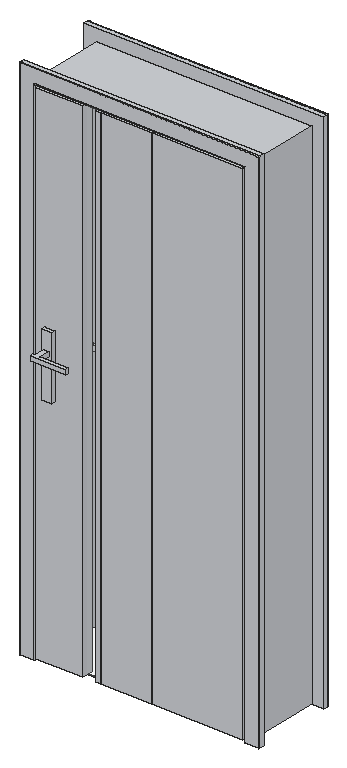
Revit family "NaturaIMPRESSbp_7", category Drzwi, Revit 2016
Family settings
  Obiekt nadrzędny = Ściana
  Zawsze pionowo = Tak
  Tnij formami wycięć po wczytaniu = Nie
  Współdzielony = Nie
  Punkt obliczania pomieszczeń = Nie
Parameters (values of type "PN 80")
  Zakres szerokości muru [instance] = if(and(Szerokość ściany > 94 mm, Szerokość ściany < 120 mm), "B", (if(and(Szerokość ściany > 119 mm, Szerokość ściany < 140 mm), "C", (if(and(Szerokość ściany > 139 mm, Szerokość ściany < 160 mm), "D", (if(and(Szerokość ściany > 159 mm, Szerokość ściany < 180 mm), "E", (if(and(Szerokość ściany > 179 mm, Szerokość ściany < 200 mm), "F", (if(and(Szerokość ściany > 199 mm, Szerokość ściany < 220 mm), "G", (if(and(Szerokość ściany > 219 mm, Szerokość ściany < 240 mm), "H", (if(and(Szerokość ściany > 239 mm, Szerokość ściany < 260 mm), "I", (if(and(Szerokość ściany > 259 mm, Szerokość ściany < 280 mm), "J", (if(and(Szerokość ściany > 279 mm, Szerokość ściany < 301 mm), "K", "BRAK")))))))))))))))))))  # "K"
  Wysokość brutto = 2060 mm
  Szerokość ściany [instance] = 300 mm
  Szerokość brutto = 880 mm
  Model = "Natura IMPRESS 7"
  Materiał_szyba = Szkło
  Materiał_relief = none
  Konstrukcja analityczna = "<Brak>"
  Funkcja = Wewnętrzna
  URL = "www.porta.com.pl"
  Ss = 818 mm
  Sb = 846 mm
  Producent = "PORTA KMI POLAND"  # constant formula
  Keynote = ""
  Opis = "Własność Porta KMI Poland, wszelkie prawa zastrzeżone."  # constant formula
  Wysokość = 2016 mm
  Zakończenie ściany = Wg obiektu nadrzędnego
  Szerokość = 800 mm
  Materiał_skrzydło [instance] = none
  Materiał_ościeżnica [instance] = none
  Materiał_klamka [instance] = none
  Hs = 2017 mm
Types (5, lengths in mm): name | Szerokość brutto | Materiał_szyba | Ss | Sb | Szerokość
  PN 70 | 780 | none | 718 | 746 | 700
  PN 60 | 680 | none | 618 | 646 | 600
  PN 80 | 880 | Szkło | 818 | 846 | 800
  PN 90 | 980 | none | 918 | 946 | 900
  PN 100 | 1080 | none | 1018 | 1046 | 1000
Reference planes
  plane 1: y = 0
  plane 2 "Środek (Lewa/Prawa)": x = 0
  plane 3 "Lewy": x = -440
  plane 4 "Prawy": x = 440
  plane 5: z = 2060
  plane 6 "Zewnętrzna": y = 150
  plane 7 "Wewnętrzna": y = -150
  plane 8 "skrzydło": y = -129
  plane 9: x = -409
  plane 10: x = 409
Forms (mm)
  Sweep 1, solid, material <- "Materiał_ościeżnica"
    path in 3D
      loop
        line (-440, -150, 0) -> (-440, -150, 2060) -> (440, -150, 2060) -> (440, -150, 0)
    profile origin (-440, -150, 1030) x (0, -1, 0) y (1, 0, 0)
      loop
        line (-24, 39) -> (-72, 39) -> (-72, 17) -> (0, 17) -> (0, -33) -> (16, -33)
        arc (16, -33) -> (18.121, -32.121) -> (19, -30) r 3
        line (19, -30) -> (19, 24)
        arc (19, 24) -> (18.121, 26.121) -> (16, 27) r 3
        line (16, 27) -> (-24, 27) -> (-24, 39)
  Sweep 2, solid, material <- "Materiał_ościeżnica"
    path in 3D
      loop
        line (440, 150, 0) -> (440, 150, 2060) -> (-440, 150, 2060) -> (-440, 150, 0)
    profile origin (-440, 150, 1030) x (1, 0, 0) y (0, 1, 0)
      loop
        line (-33, 0) -> (17, 0) -> (17, -228) -> (39, -228) -> (39, -1)
        arc (39, -1) -> (37.536, 2.536) -> (34, 4) r 5
        line (34, 4) -> (25, 4) -> (25, 16)
        arc (25, 16) -> (24.121, 18.121) -> (22, 19) r 3
        line (22, 19) -> (-30, 19)
        arc (-30, 19) -> (-32.121, 18.121) -> (-33, 16) r 3
        line (-33, 16) -> (-33, 0)
  Sweep 3, solid, not visible
    path in 3D
      loop
        line (-440, -150, 0) -> (-440, -150, 2060)
    profile origin (-440, -150, 1030) x (0, -1, 0) y (1, 0, 0)
      loop
        line (-151, 17) -> (-149, 17) -> (-149, 19) -> (-151, 19) -> (-151, 17)
Cuts and joins
  joined: Sweep 1, Sweep 2
Lines and regions (mm)
  Opening 1
    outline origin (-3050, -150, 0) x (1, 0, 0) y (0, 0, 1)
      loop
        line (2610, 0) -> (3490, 0) -> (3490, 2060) -> (2610, 2060) -> (2610, 0)
  sketch lines
    curve 1: line (-440, -150, 0) -> (-440, -150, 2060)
    curve 2: line (-440, -150, 2060) -> (440, -150, 2060)
    curve 3: line (440, -150, 2060) -> (440, -150, 0)
    curve 4: line (-440, 150, 2060) -> (-440, 150, 0)
    curve 5: line (440, 150, 2060) -> (-440, 150, 2060)
    curve 6: line (440, 150, 0) -> (440, 150, 2060)
    curve 12: line (-440, -150, 0) -> (-440, -150, 2060)
  symbolic lines, style "DoorsPanelProjection"
    curve 7: line (409, -150, 0) -> (409, -968, 0)
    curve 8: line (409, -968, 0) -> (369, -968, 0)
    curve 9: line (369, -968, 0) -> (369, -150, 0)
    curve 10: line (369, -150, 0) -> (409, -150, 0)
  symbolic lines, style "Ugięcie rzutu"
    curve 11: arc (-409, -150, 0) -> (-169.413, -728.413, 0) -> (409, -968, 0) r 818
Text (mm)
  text "Zewnętrzna" at (-2295.016, 1099.543, 0), in view "Poziom odniesienia"
  text "Zewnętrzna" at (0, 1615.38, 3698.081), in view "Lewy"
  text "Zewnętrzna" at (0, 1036.032, 3874.932), in view "Prawy"
Dimensions and locks
  equal spacing: plane 3 "Lewy", plane 2 "Środek (Lewa/Prawa)", plane 4 "Prawy"
  "Szerokość brutto": plane 3 "Lewy" to plane 4 "Prawy"
  "Wysokość brutto": plane 5 to host wall
  host wall to plane 5 = 2060 mm  (x2)
  locked: plane 6 "Zewnętrzna" to host wall at 0
  locked: plane 7 "Wewnętrzna" to host wall
  "Sb": Sweep 1 to Sweep 1
  locked: Sweep 1 sketch curve to Sweep 1 sketch curve at 22
  Sweep 1 sketch curve to Sweep 1 sketch curve = 50 mm
  locked: Sweep 1 sketch curve to profile plane at 72
  locked: Sweep 2 sketch curve to Sweep 2 sketch curve at 50
  locked: Sweep 2 sketch curve to Sweep 2 sketch curve at 22
  locked: Sweep 2 sketch curve to plane 6 "Zewnętrzna" at 1
  locked: curve 9 to curve 7 at 40
  "Ss": curve 8 to curve 10
  equal spacing: curve 11, plane 2 "Środek (Lewa/Prawa)", curve 7
  locked: plane 7 "Wewnętrzna" to plane 8 "skrzydło" at 21
  locked: host wall to Sweep 3 sketch curve at 1
  locked: Sweep 3 sketch curve to host wall at 1
  locked: Sweep 3 sketch curve to plane 6 "Zewnętrzna" at 151
  locked: plane 7 "Wewnętrzna" to Sweep 3 sketch curve at 151
  nested 1 to plane 2 "Środek (Lewa/Prawa)" to nested 1 = 409 mm, 409 mm
  locked: nested 1 to level at 8
  "Szerokość ściany": host wall to host wall
  equal spacing: plane 9, plane 2 "Środek (Lewa/Prawa)", plane 10
  "Ss": plane 9 to plane 10
  aligned and locked: plane 3 "Lewy" to Opening 1 sketch curve
  aligned and locked: plane 5 to Opening 1 sketch curve  (x2)
  aligned and locked: Opening 1 sketch curve to plane 4 "Prawy"
  aligned and locked: Opening 1 sketch curve to level
  aligned and locked: plane 1 to host wall
  aligned and locked: Sweep 1 to Sweep 2 sketch curve
  aligned and locked: plane 7 "Wewnętrzna" to curve 10
  aligned and locked: Sweep 3 sketch curve to cut or joined group of Sweep 1, Sweep 2
  aligned and locked: Sweep 2 sketch curve to cut or joined group of Sweep 1, Sweep 2
  aligned and locked: nested 1 to plane 8 "skrzydło"
  aligned and locked: nested 1 to plane 9
Automatic sketch dimensions
  profile plane to Sweep 1 sketch curve = 24 mm
  Sweep 1 sketch curve to profile plane = 16 mm  (x2)
  Sweep 1 sketch curve to Sweep 1 sketch curve = 3 mm
  profile plane to Sweep 1 sketch curve = 17 mm
  Sweep 1 sketch curve to Sweep 1 sketch curve = 7 mm
  Sweep 1 sketch curve to profile plane = 0 mm
  Sweep 2 sketch curve to profile plane = 0 mm
  Sweep 2 sketch curve to profile plane = 16 mm
  Sweep 2 sketch curve to Sweep 2 sketch curve = 3 mm
  Sweep 2 sketch curve to Sweep 2 sketch curve = 5 mm
  Sweep 2 sketch curve to profile plane = 4 mm
  Sweep 2 sketch curve to Sweep 2 sketch curve = 8 mm
  curve 11 to host wall = 0 mm
  Sweep 3 sketch curve to Sweep 3 sketch curve = 2 mm
Nested families
  nested 1: "skrzydło" at (0, -135.5, 0), type "skrzydło"
Definition of nested family "skrzydło"
  Parameters
    Ss = 818 mm
    Materiał_skrzydło = none
    Materiał_klamka = none
    Materiał szyba = none
    Materiał relief = none
    Hs = 2017 mm
  Reference planes
    plane 1 "Tył": y = 6.5
    plane 2: z = 0
    plane 3 "Środek (Lewa/Prawa)": x = 0
    plane 4 "Przód": y = -33.5
    plane 5: z = 2025
    plane 6 "Centrum": y = -13.5
    plane 7: z = 8
    plane 8: x = -409
    plane 9: x = 409
    plane 10: x = -152
    plane 11: x = 48
    plane 12: x = -172
    plane 13: x = -222
  Forms (mm)
    Extrusion 1, solid, material <- "Materiał_skrzydło"
      sketch origin (-892.016, -13.5, 1200) x (-1, 0, 0) y (0, 0, 1)
        loop
          line (-1301.016, -1192) -> (-940.016, -1192) -> (-940.016, 825) -> (-1301.016, 825) -> (-1301.016, -1192)
        loop
          line (-483.016, -1192) -> (-483.016, 825) -> (-670.016, 825) -> (-670.016, -1192) -> (-483.016, -1192)
        loop
          line (-720.016, 825) -> (-740.016, 825) -> (-740.016, -1192) -> (-720.016, -1192) -> (-720.016, 825)
      from 20 to -20
    Extrusion 2, solid, material <- "Materiał relief"
      sketch origin (0, 6.5, 0) x (1, 0, 0) y (0, 0, 1)
        loop
          line (-152, 2025) -> (-152, 8) -> (48, 8) -> (48, 2025) -> (-152, 2025)
      from 0 to 40
    Extrusion 3, solid, material <- "Materiał szyba"
      sketch origin (-892.016, -13.5, 1200) x (-1, 0, 0) y (0, 0, 1)
        loop
          line (-670.016, 825) -> (-720.016, 825) -> (-720.016, -1192) -> (-670.016, -1192) -> (-670.016, 825)
      from -4 to 4
  Dimensions and locks
    locked: plane 7 to level at 8
    "Hs": plane 5 to plane 7
    locked: nested 1 to plane 7 at 934
    locked: plane 7 to nested 2 at 934
    equal spacing: plane 4 "Przód", plane 6 "Centrum", plane 1 "Tył"
    "Ss": plane 8 to plane 9
    locked: plane 8 to nested 1 at 55
    locked: plane 8 to nested 2 at 55
    equal spacing: plane 8, plane 3 "Środek (Lewa/Prawa)", plane 9
    locked: plane 11 to plane 10 at 200
    locked: plane 8 to plane 10 at 257
    plane 8 to plane 13 to plane 12 = 187 mm locked, 50 mm locked
    aligned and locked: nested 1 to plane 4 "Przód"
    aligned and locked: nested 2 to nested 1
    aligned and locked: Extrusion 1 sketch curve to plane 9
    aligned and locked: Extrusion 1 to plane 4 "Przód"
    aligned and locked: Extrusion 1 to plane 1 "Tył"
    aligned and locked: Extrusion 2 to plane 4 "Przód"
    aligned and locked: Extrusion 2 sketch curve to plane 10
    aligned and locked: Extrusion 2 sketch curve to plane 5
    aligned and locked: plane 8 to Extrusion 1 sketch curve
    aligned and locked: plane 5 to Extrusion 1 sketch curve  (x2)
    aligned and locked: plane 7 to Extrusion 1 sketch curve  (x2)
    aligned and locked: plane 11 to Extrusion 1 sketch curve
    aligned and locked: plane 11 to Extrusion 2 sketch curve
    aligned and locked: Extrusion 2 sketch curve to plane 7
    aligned and locked: Extrusion 1 sketch curve to plane 13
    aligned and locked: plane 12 to Extrusion 1 sketch curve
    aligned and locked: plane 10 to Extrusion 1 sketch curve
    aligned and locked: plane 5 to Extrusion 3 sketch curve
    aligned and locked: plane 13 to Extrusion 3 sketch curve
    aligned and locked: plane 12 to Extrusion 3 sketch curve
    aligned and locked: plane 7 to Extrusion 3 sketch curve
  Automatic sketch dimensions
    Extrusion 1 sketch curve to plane 7 = 0 mm
    Extrusion 1 sketch curve to plane 5 = 0 mm
  Nested families
    nested 1: "KLAMKA" at (-354, -33.5, 1067), Materiał klamki <- "Materiał_klamka", type "KLAMKA"
      with Materiał klamki none
    nested 2: "KLAMKA" at (-354, 6.5, 1067), Materiał klamki <- "Materiał_klamka", type "KLAMKA"
      with Materiał klamki none
  Definition of nested family "KLAMKA"
    Parameters
      Materiał klamki [instance] = none
      Assembly Code = ""
      Default Elevation = 1219.2 mm
    Reference planes
      plane 1 "Center (Front/Back)": y = 0
      plane 2: z = 0
      plane 3 "Center (Left/Right)": x = 0
      plane 4: z = 125
      plane 5: z = -125
      plane 6: x = 20
      plane 7: x = -20
      plane 8: y = -70
      plane 9: y = -60
      plane 10: x = 10
      plane 11: x = -10
      plane 12: x = 120
      plane 13: z = 35
      plane 14: z = 55
      plane 15: y = -15
    Forms (mm)
      Extrusion 1, solid, material <- "Materiał klamki"
        sketch origin (0, 0, 0) x (1, 0, 0) y (0, 0, 1)
          loop
            line (-20, 125) -> (-20, -125) -> (20, -125) -> (20, 125) -> (-20, 125)
        from 0 to 15
      Extrusion 2, solid, material <- "Materiał klamki"
        sketch origin (0, 0, 0) x (1, 0, 0) y (0, 1, 0)
          loop
            line (-10, -15) -> (-10, -60) -> (-20, -60) -> (-20, -70) -> (120, -70) -> (120, -60) -> (10, -60) -> (10, -15) -> (-10, -15)
        from 35 to 55
    Dimensions and locks
      equal spacing: plane 4, plane 2, plane 5
      plane 4 to plane 5 = 250 mm
      equal spacing: plane 7, plane 3 "Center (Left/Right)", plane 6
      plane 7 to plane 6 = 40 mm
      plane 8 to plane 1 "Center (Front/Back)" = 70 mm
      plane 11 to plane 3 "Center (Left/Right)" to plane 10 = 10 mm locked, 10 mm locked
      plane 7 to plane 12 = 140 mm
      plane 15 to plane 1 "Center (Front/Back)" = 15 mm
      aligned and locked: plane 7 to Extrusion 1 sketch curve
      aligned and locked: Extrusion 1 sketch curve to plane 4
      aligned and locked: plane 5 to Extrusion 1 sketch curve
      aligned and locked: Extrusion 1 sketch curve to plane 6
      aligned and locked: plane 15 to Extrusion 1
      aligned and locked: Extrusion 1 to plane 1 "Center (Front/Back)"
      aligned and locked: plane 14 to Extrusion 2
      aligned and locked: Extrusion 2 to plane 13
    Automatic sketch dimensions
      Extrusion 2 sketch curve to plane 7 = 0 mm
      Extrusion 2 sketch curve to plane 9 = 0 mm  (x2)
      Extrusion 2 sketch curve to plane 11 = 0 mm
      Extrusion 2 sketch curve to plane 10 = 0 mm
      Extrusion 2 sketch curve to plane 12 = 0 mm
      Extrusion 2 sketch curve to plane 8 = 0 mm
      Extrusion 2 sketch curve to plane 15 = 0 mm
